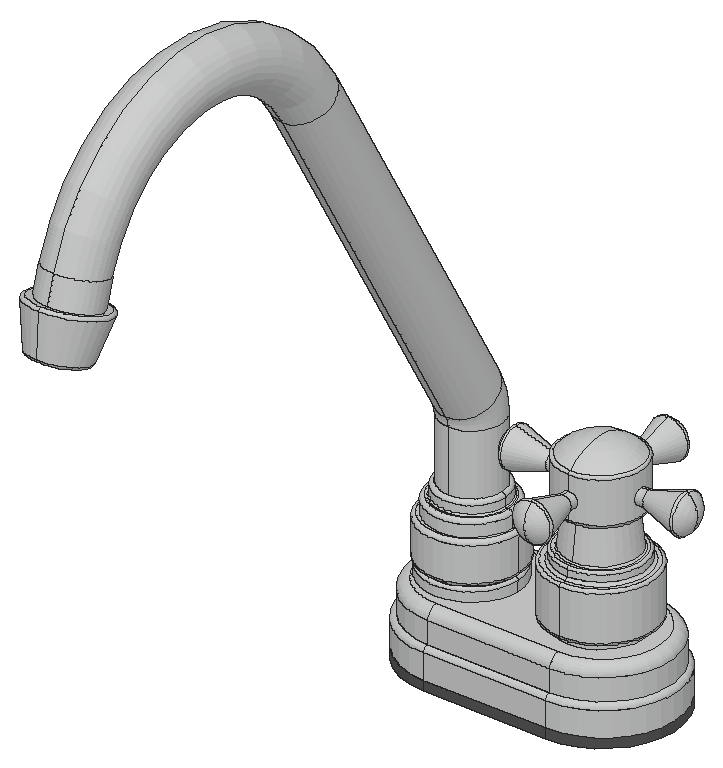
Revit family "415130001_Lavaplatos sencillo CTA Balta", category Plumbing Fixtures, host Face, Revit 2020
Family settings
  Host = Face
  Round Connector Dimension = Use Diameter
  Part Type = Normal
  OmniClass Number = 23.31.11.00
  OmniClass Title = Faucets
  Cut with Voids When Loaded = No
  Shared = No
  Room Calculation Point = No
Parameters (values of type "Lavaplatos sencillo CTA Balta")
  Temperaturas mínima de trabajo = "5° C / 41° F."  # constant formula
  Temperaturas máxima de trabajo = "71° C / 159.8° F."  # constant formula
  Recubrimientos = "Resistente a la corrosión, pelado y decoloración por agua. Recubrimientos no tóxicos. Producto para uso doméstico."  # constant formula
  Profundidad = 245.7 mm  # constant formula
  Peso Neto aprox = "584 gr. / 1.29 lb."  # constant formula
  Peso Bruto aprox = "856 gr. / 1.89 lb."  # constant formula
  Normatividad = "NTC 1644"  # constant formula
  Model = "415130001_Lavaplatos sencillo CTA Balta"  # constant formula
  Material 2 = Corona_Plastico_Negro
  Material = Corona_Plastico_Cromado
  Manufacturer = "Corona."  # constant formula
  Garantía = "30 años Grival - 5 años Cromado."  # constant formula
  Fecha de creación = "29/04/2021"  # constant formula
  Diámetro abasto = 12.7 mm
  Dimensiones generales del producto = "269 x 100 x 246 mm."  # constant formula
  Description = "El lavaplatos sencillo cruceta Balta ha sido diseñada para trabajar en perfecta armonía con el espacio; inspirada en las necesidades del consumidor latinoamericano dando como resultado un producto robusto y funcional. Ideal para instalaciones donde no se necesite mezclar agua fría y caliente. Incorpora un sistema aireador que genera un chorro de agua espumoso, agradable al tacto."  # constant formula
  Default Elevation = 0 mm
  Creado por = "BIMBAU"  # constant formula
  Ciclo de vida de la unidad de cierre = "500000 ciclos."  # constant formula
  Capacidad de flujo = "A 60 psi: 8.3 L/min."  # constant formula
  Ancho = 100.4 mm  # constant formula
  Alto = 296 mm  # constant formula
Reference planes
  plane 1 "Center (Front/Back)": y = 0
  plane 2: z = 0
  plane 3 "Center (Left/Right)": x = 0
Dimensions and locks
  aligned and locked: plane 2 to host face
  aligned and locked: level to host face
Nested families
  nested 1: "Lavaplatos sencillo CTA Balta" at (0, 0, 0), type "Lavaplatos sencillo CTA Balta"
    with Alto 296 mm
Connectors
  piping at (0, 0, 0), diameter 12.7, driven by "Diámetro abasto"
    settings: on nested 1, index 1, connector inside diameter 609.6 mm, connector length 0 mm, flow factor 0, pipe flow 0.0 L/s, pressure drop 0.0 Pa, fitting loss kfactor 0, connector angle 0.00°, fixture units 0, engagement length 0 mm, angle of deflection 0.00°, flow configuration 0, flow direction 0, fitting loss method 0, system type 7, joint type 0, gender type 0, connector reference index -1, connector utility 0, adjustable connector no, is connector primary yes, connector description ""
Definition of nested family "Lavaplatos sencillo CTA Balta"
  Parameters (values of type "Lavaplatos sencillo CTA Balta")
    Profundidad = 245.7 mm
    Model = "415130001_Lavaplatos sencillo Balta"  # constant formula
    Material 2 = none
    Material = none
    Manufacturer = "Corona."  # constant formula
    Description = "El lavaplatos sencillo cruceta Balta palanca ha sido diseñada para trabajar en perfecta armonía con el espacio; isnírada en las necesidades del consumidor latinoamericano dando como resultado un producto robusto y funcional. Ideal para instalaciones donde no se necesite mezclar agua fía y caliente. Incorpora un sistema aireador que genera un chorro de agua espumoso agradable al tacto."  # constant formula
    Default Elevation = 0 mm
    Ancho = 100.4 mm
    Alto = 295.984 mm
  Reference planes
    plane 1 "Center (Front/Back)": y = 0
    plane 2: z = 0
    plane 3 "Center (Left/Right)": x = 0
    plane 4: x = 50.2
    plane 5: x = -50.2
    plane 6: y = 27.5
    plane 7: y = -218.2
    plane 8: z = 268.984
    plane 9: z = -27
  Forms (mm)
    Extrusion 1, solid, material <- "Material", detail levels medium+fine
      sketch origin (-0.76, -82.5, 0) x (1, 0, 0) y (0, 1, 0)
        loop
          line (24.221, 110) -> (-22.7, 110)
          arc (-22.7, 110) -> (-50.2, 82.5) -> (-22.7, 55) r 27.5
          line (-22.7, 55) -> (24.221, 55)
          arc (24.221, 55) -> (51.721, 82.5) -> (24.221, 110) r 27.5
      from 3.608 to 15.074
    Extrusion 2, solid, material <- "Material", detail levels medium+fine
      sketch origin (-0.76, -82.5, 0) x (1, 0, 0) y (0, 1, 0)
        loop
          line (24.221, 108) -> (-22.7, 108)
          arc (-22.7, 108) -> (-48.2, 82.5) -> (-22.7, 57) r 25.5
          line (-22.7, 57) -> (24.221, 57)
          arc (24.221, 57) -> (49.721, 82.5) -> (24.221, 108) r 25.5
      from 15.074 to 27.314
    Sweep 3, void
      path origin (-0.76, -82.5, 0) x (1, 0, 0) y (0, 1, 0)
        loop
          arc (-22.7, 110) -> (-50.2, 82.5) -> (-22.7, 55) r 27.5
          line (-22.7, 55) -> (24.221, 55)
          arc (24.221, 55) -> (51.721, 82.5) -> (24.221, 110) r 27.5
          line (24.221, 110) -> (-22.7, 110)
      profile origin (-50.96, 0, 0) x (1, 0, 0) y (0, 0, 1)
        loop
          arc (0, 13.041) -> (0.595, 14.478) -> (2.033, 15.074) r 2.033
          line (2.033, 15.074) -> (2.033, 16.022) -> (-0.988, 16.022) -> (-0.988, 13.041) -> (0, 13.041)
    Sweep 4, void
      path origin (-0.76, -82.5, 0) x (1, 0, 0) y (0, 1, 0)
        loop
          arc (-22.7, 108) -> (-48.2, 82.5) -> (-22.7, 57) r 25.5
          line (-22.7, 57) -> (24.221, 57)
          arc (24.221, 57) -> (49.721, 82.5) -> (24.221, 108) r 25.5
          line (24.221, 108) -> (-22.7, 108)
      profile origin (-48.96, 0, 0) x (1, 0, 0) y (0, 0, 1)
        loop
          arc (0, 23.267) -> (1.185, 26.129) -> (4.047, 27.314) r 4.047
          line (4.047, 27.314) -> (4.047, 29.779) -> (-2, 29.779) -> (-2, 23.267) -> (0, 23.267)
    Revolve 5, solid, material <- "Material", detail levels medium+fine
      sketch origin (-27.01, 0, 0) x (1, 0, 0) y (0, 0, 1)
        loop
          line (-15.791, 31.859) -> (-16.788, 31.859)
          arc (-16.788, 31.859) -> (-17.495, 31.566) -> (-17.788, 30.859) r 1
          line (-17.788, 30.859) -> (-17.788, 27.171) -> (0, 27.171) -> (0, 59.311) -> (-11.424, 59.311)
          arc (-11.424, 59.311) -> (-12.485, 58.872) -> (-12.924, 57.811) r 1.5
          line (-12.924, 57.811) -> (-12.924, 54.919)
          arc (-12.924, 54.919) -> (-13.071, 54.565) -> (-13.424, 54.419) r 0.5
          line (-13.424, 54.419) -> (-14.291, 54.419)
          arc (-14.291, 54.419) -> (-15.352, 53.979) -> (-15.791, 52.919) r 1.5
          line (-15.791, 52.919) -> (-15.791, 48.467) -> (-16.782, 48.467)
          arc (-16.782, 48.467) -> (-17.843, 48.028) -> (-18.282, 46.967) r 1.5
          line (-18.282, 46.967) -> (-18.282, 33.897)
          arc (-18.282, 33.897) -> (-17.989, 33.19) -> (-17.282, 32.897) r 1
          line (-17.282, 32.897) -> (-15.791, 32.897) -> (-15.791, 31.859)
        axis (0, 59.311) -> (0, 27.171)
      angle from 0 to 360
    Extrusion 6, solid, material <- "Material 2", detail levels medium+fine
      sketch origin (-0.76, -90.6, 0) x (1, 0, 0) y (0, 1, 0)
        loop
          line (-22.7, 63.1) -> (24.221, 63.1)
          arc (24.221, 63.1) -> (51.721, 90.6) -> (24.221, 118.1) r 27.5
          line (24.221, 118.1) -> (-22.7, 118.1)
          arc (-22.7, 118.1) -> (-50.2, 90.6) -> (-22.7, 63.1) r 27.5
      from 0 to 3.608
    Revolve 7, solid, material <- "Material", detail levels medium+fine
      sketch origin (22.683, -29.696, -11.72) x (0, 1, 0) y (0, 0, 1)
        loop
          line (13.862, 39.034) -> (29.696, 39.034) -> (29.696, 104.008)
          arc (29.696, 104.008) -> (21.883, 102.485) -> (15.213, 98.14) r 20.806
          arc (15.213, 98.14) -> (14.506, 97.848) -> (14.213, 97.14) r 1
          line (14.213, 97.14) -> (14.213, 81.439)
          arc (14.213, 81.439) -> (14.506, 80.732) -> (15.213, 80.439) r 1
          line (15.213, 80.439) -> (18.11, 80.439) -> (16.358, 66.173)
          arc (16.358, 66.173) -> (16.16, 65.797) -> (15.763, 65.646) r 0.6
          line (15.763, 65.646) -> (14.575, 65.646)
          arc (14.575, 65.646) -> (13.938, 65.383) -> (13.675, 64.746) r 0.9
          line (13.675, 64.746) -> (13.675, 62.327)
          arc (13.675, 62.327) -> (13.382, 61.619) -> (12.675, 61.327) r 1
          line (12.675, 61.327) -> (10.992, 61.327)
          arc (10.992, 61.327) -> (10.285, 61.034) -> (9.992, 60.327) r 1
          line (9.992, 60.327) -> (9.992, 43.198)
          arc (9.992, 43.198) -> (10.285, 42.491) -> (10.992, 42.198) r 1
          line (10.992, 42.198) -> (13.862, 42.198) -> (13.862, 39.034)
        axis (29.696, 104.008) -> (29.696, 39.034)
      angle from 0 to 360
    Revolve 8, solid, material <- "Material", detail levels medium+fine
      sketch origin (22.683, -30.946, -7.97) x (0, 1, 0) y (0, 0, 1)
        loop
          line (-6.337, 84.771) -> (19.448, 84.771) -> (19.448, 89.387)
          arc (19.448, 89.387) -> (16.023, 87.819) -> (12.261, 88.024) r 7.857
          line (12.261, 88.024) -> (-1.509, 92.234)
          arc (-1.509, 92.234) -> (-2.005, 92.257) -> (-2.451, 92.038) r 1
          arc (-2.451, 92.038) -> (-5.078, 88.77) -> (-6.337, 84.771) r 11.338
        axis (-6.337, 84.771) -> (19.448, 84.771)
      angle from 0 to 360
    Revolve 9, solid, material <- "Material", detail levels medium+fine
      sketch origin (22.683, 30.946, -7.97) x (0, -1, 0) y (0, 0, 1)
        loop
          line (-6.337, 84.771) -> (19.448, 84.771) -> (19.448, 89.387)
          arc (19.448, 89.387) -> (16.023, 87.819) -> (12.261, 88.024) r 7.857
          line (12.261, 88.024) -> (-1.509, 92.234)
          arc (-1.509, 92.234) -> (-2.005, 92.257) -> (-2.451, 92.038) r 1
          arc (-2.451, 92.038) -> (-5.078, 88.77) -> (-6.337, 84.771) r 11.338
        axis (-6.337, 84.771) -> (19.448, 84.771)
      angle from 0 to 360
    Revolve 10, solid, material <- "Material", detail levels medium+fine
      sketch origin (-8.263, 0, -7.97) x (1, 0, 0) y (0, 0, 1)
        loop
          line (-6.337, 84.771) -> (19.448, 84.771) -> (19.448, 89.387)
          arc (19.448, 89.387) -> (16.023, 87.819) -> (12.261, 88.024) r 7.857
          line (12.261, 88.024) -> (-1.509, 92.234)
          arc (-1.509, 92.234) -> (-2.005, 92.257) -> (-2.451, 92.038) r 1
          arc (-2.451, 92.038) -> (-5.078, 88.77) -> (-6.337, 84.771) r 11.338
        axis (-6.337, 84.771) -> (19.448, 84.771)
      angle from 0 to 360
    Revolve 11, solid, material <- "Material", detail levels medium+fine
      sketch origin (53.629, 0, -7.97) x (-1, 0, 0) y (0, 0, -1)
        loop
          arc (-6.337, -84.771) -> (-5.078, -88.77) -> (-2.451, -92.038) r 11.338
          arc (-2.451, -92.038) -> (-2.005, -92.257) -> (-1.509, -92.234) r 1
          line (-1.509, -92.234) -> (12.261, -88.024)
          arc (12.261, -88.024) -> (16.023, -87.819) -> (19.448, -89.387) r 7.857
          line (19.448, -89.387) -> (19.448, -84.771) -> (-6.337, -84.771)
        axis (-6.337, -84.771) -> (19.448, -84.771)
      angle from 0 to 360
    Sweep 12, solid, material <- "Material", detail levels medium+fine
      path origin (-0.76, -86.225, 0) x (0, 1, 0) y (0, 0, 1)
        loop
          line (97.401, 56.471) -> (97.401, 82.607)
          arc (97.401, 82.607) -> (96.379, 90.371) -> (93.382, 97.607) r 30
          line (93.382, 97.607) -> (14.801, 233.713)
          arc (14.801, 233.713) -> (-54.947, 268.869) -> (-114.999, 218.925) r 71.227
          line (-114.999, 218.925) -> (-119.831, 203.12)
      profile origin (-0.76, 11.176, 69.539) x (0, -1, 0) y (1, 0, 0)
        loop
          circle (11.216, -26.25) r 11.216
    Revolve 13, solid, material <- "Material", detail levels medium+fine
      sketch origin (-27.139, -86.225, 0) x (0, 1, 0) y (0, 0, 1)
        loop
          line (-122.148, 191.426) -> (-112.572, 188.499) -> (-107.341, 205.609) -> (-120.528, 209.64)
          arc (-120.528, 209.64) -> (-121.39, 209.506) -> (-121.819, 208.747) r 1
          line (-121.819, 208.747) -> (-122.854, 192.446)
          arc (-122.854, 192.446) -> (-122.678, 191.814) -> (-122.148, 191.426) r 1
        axis (-107.341, 205.609) -> (-112.572, 188.499)
      angle from 0 to 360
    Revolve 14, solid, material <- "Material", detail levels medium+fine
      sketch origin (-2.812, 0, 0) x (1, 0, 0) y (0, 0, 1)
        loop
          line (25.48, 0) -> (25.48, -27) -> (33.98, -27)
          arc (33.98, -27) -> (33.23, -26.25) -> (33.98, -25.5) r 0.75
          arc (33.98, -25.5) -> (34.98, -24.5) -> (33.98, -23.5) r 1
          arc (33.98, -23.5) -> (33.23, -22.75) -> (33.98, -22) r 0.75
          arc (33.98, -22) -> (34.98, -21) -> (33.98, -20) r 1
          arc (33.98, -20) -> (33.23, -19.25) -> (33.98, -18.5) r 0.75
          arc (33.98, -18.5) -> (34.98, -17.5) -> (33.98, -16.5) r 1
          arc (33.98, -16.5) -> (33.23, -15.75) -> (33.98, -15) r 0.75
          arc (33.98, -15) -> (34.98, -14) -> (33.98, -13) r 1
          arc (33.98, -13) -> (33.23, -12.25) -> (33.98, -11.5) r 0.75
          arc (33.98, -11.5) -> (34.98, -10.5) -> (33.98, -9.5) r 1
          arc (33.98, -9.5) -> (33.23, -8.75) -> (33.98, -8) r 0.75
          arc (33.98, -8) -> (34.98, -7) -> (33.98, -6) r 1
          arc (33.98, -6) -> (33.23, -5.25) -> (33.98, -4.5) r 0.75
          arc (33.98, -4.5) -> (34.98, -3.5) -> (33.98, -2.5) r 1
          arc (33.98, -2.5) -> (33.23, -1.75) -> (33.98, -1) r 0.75
          arc (33.98, -1) -> (34.687, -0.707) -> (34.98, 0) r 1
          line (34.98, 0) -> (25.48, 0)
        axis (25.48, 0) -> (25.48, -27)
      angle from 0 to 360
    Extrusion 15, solid, material <- "Material", detail levels coarse
      sketch origin (0, 0, 0) x (1, 0, 0) y (0, 0, 1)
        loop
          line (-50.2, 268.984) -> (-50.2, -27) -> (50.2, -27) -> (50.2, 268.984) -> (-50.2, 268.984)
      from -27.5 to 218.2
  Cuts and joins
    Sweep 3 cuts Extrusion 1
    Sweep 4 cuts Extrusion 2
  Dimensions and locks
    "Ancho": plane 5 to plane 4
    "Alto": plane 8 to plane 9
    "Profundidad": plane 7 to plane 6
    aligned and locked: level to plane 2
  Automatic sketch dimensions
    plane 6 to Extrusion 1 sketch curve = 0 mm
    plane 1 "Center (Front/Back)" to Extrusion 1 sketch curve = 0 mm
    Extrusion 1 sketch curve to plane 3 "Center (Left/Right)" = 23.46 mm
    plane 3 "Center (Left/Right)" to Extrusion 1 sketch curve = 23.46 mm
    plane 1 "Center (Front/Back)" to Extrusion 2 sketch curve = 0 mm
    plane 6 to Extrusion 2 sketch curve = 2 mm
    Extrusion 2 sketch curve to plane 3 "Center (Left/Right)" = 23.46 mm
    plane 3 "Center (Left/Right)" to Extrusion 2 sketch curve = 23.46 mm
    plane 1 "Center (Front/Back)" to Sweep 3 sketch curve = 0 mm
    plane 6 to Sweep 3 sketch curve = 0 mm
    Sweep 3 sketch curve to plane 3 "Center (Left/Right)" = 23.46 mm
    plane 3 "Center (Left/Right)" to Sweep 3 sketch curve = 23.46 mm
    profile plane to Sweep 3 sketch curve = 0 mm
    profile plane to Sweep 3 sketch curve = 0.988 mm
    Sweep 3 sketch curve to profile plane = 2.033 mm
    profile plane to Sweep 3 sketch curve = 13.041 mm
    Sweep 3 sketch curve to Sweep 3 sketch curve = 2.981 mm
    plane 1 "Center (Front/Back)" to Sweep 4 sketch curve = 0 mm
    Sweep 4 sketch curve to plane 3 "Center (Left/Right)" = 23.46 mm
    plane 3 "Center (Left/Right)" to Sweep 4 sketch curve = 23.46 mm
    Sweep 4 sketch curve to Sweep 4 sketch curve = 25.5 mm
    profile plane to Sweep 4 sketch curve = 0 mm
    profile plane to Sweep 4 sketch curve = 2 mm
    Sweep 4 sketch curve to profile plane = 4.047 mm
    profile plane to Sweep 4 sketch curve = 23.267 mm
    Sweep 4 sketch curve to Sweep 4 sketch curve = 2.465 mm
    Revolve 5 sketch curve to plane 5 = 4.907 mm
    Revolve 5 sketch curve to plane 5 = 5.402 mm
    Revolve 5 sketch curve to Revolve 5 sketch curve = 1 mm  (x2)
    Revolve 5 sketch curve to Revolve 5 sketch curve = 1.5 mm  (x3)
    Revolve 5 sketch curve to Revolve 5 sketch curve = 0.997 mm
    Revolve 5 sketch curve to Revolve 5 sketch curve = 0.991 mm
    Revolve 5 sketch curve to Revolve 5 sketch curve = 0.867 mm
    Revolve 5 sketch curve to Revolve 5 sketch curve = 0.5 mm
    Revolve 5 sketch curve to Revolve 5 sketch curve = 11.424 mm
    level to Revolve 5 sketch curve = 27.171 mm
    Revolve 5 sketch curve to Revolve 5 sketch curve = 3.687 mm
    Revolve 5 sketch curve to Revolve 5 sketch curve = 1.038 mm
    Revolve 5 sketch curve to Revolve 5 sketch curve = 13.071 mm
    Revolve 5 sketch curve to Revolve 5 sketch curve = 4.451 mm
    Revolve 5 sketch curve to Revolve 5 sketch curve = 2.893 mm
    Revolve 5 sketch curve to Revolve 5 sketch curve = 0 mm
    Revolve 5 sketch curve to Revolve 5 sketch curve = 7.834 mm
    Revolve 5 sketch curve to Revolve 5 sketch curve = 15.475 mm
    plane 6 to Extrusion 6 sketch curve = 0 mm
    plane 1 "Center (Front/Back)" to Extrusion 6 sketch curve = 0 mm
    Extrusion 6 sketch curve to plane 3 "Center (Left/Right)" = 23.46 mm
    plane 3 "Center (Left/Right)" to Extrusion 6 sketch curve = 23.46 mm
    plane 1 "Center (Front/Back)" to Revolve 7 sketch curve = 19.704 mm
    Revolve 7 sketch curve to Revolve 7 sketch curve = 1 mm  (x5)
    Revolve 7 sketch curve to Revolve 7 sketch curve = 1.682 mm
    Revolve 7 sketch curve to Revolve 7 sketch curve = 2.87 mm
    plane 1 "Center (Front/Back)" to Revolve 7 sketch curve = 15.483 mm
    Revolve 7 sketch curve to Revolve 7 sketch curve = 0.9 mm
    Revolve 7 sketch curve to Revolve 7 sketch curve = 1.188 mm
    Revolve 7 sketch curve to Revolve 7 sketch curve = 0.596 mm
    Revolve 7 sketch curve to Revolve 7 sketch curve = 2.896 mm
    plane 1 "Center (Front/Back)" to Revolve 7 sketch curve = 0 mm  (x2)
    level to Revolve 7 sketch curve = 27.314 mm
    Revolve 7 sketch curve to Revolve 7 sketch curve = 3.164 mm
    Revolve 7 sketch curve to Revolve 7 sketch curve = 17.128 mm
    Revolve 7 sketch curve to Revolve 7 sketch curve = 2.42 mm
    Revolve 7 sketch curve to Revolve 7 sketch curve = 0.527 mm
    Revolve 7 sketch curve to Revolve 7 sketch curve = 14.192 mm
    Revolve 7 sketch curve to Revolve 7 sketch curve = 2.763 mm
    Revolve 7 sketch curve to Revolve 7 sketch curve = 15.702 mm
    Revolve 7 sketch curve to Revolve 7 sketch curve = 16.125 mm
    Revolve 7 sketch curve to Revolve 7 sketch curve = 8.043 mm
    plane 1 "Center (Front/Back)" to Revolve 8 sketch curve = 37.283 mm
    Revolve 8 sketch curve to Revolve 8 sketch curve = 4.536 mm
    Revolve 8 sketch curve to Revolve 8 sketch curve = 0.292 mm
    Revolve 8 sketch curve to Revolve 8 sketch curve = 6.721 mm
    Revolve 8 sketch curve to Revolve 8 sketch curve = 7.341 mm
    Revolve 8 sketch curve to Revolve 8 sketch curve = 2.297 mm
    Revolve 8 sketch curve to Revolve 8 sketch curve = 7.186 mm
    level to Revolve 8 sketch curve = 75.454 mm
    Revolve 8 sketch curve to Revolve 8 sketch curve = 1.347 mm  (x2)
    Revolve 8 sketch curve to Revolve 8 sketch curve = 3.253 mm
    Revolve 8 sketch curve to Revolve 8 sketch curve = 4.617 mm
    Revolve 8 sketch curve to Revolve 8 sketch curve = 6.507 mm
    Revolve 8 sketch curve to Revolve 8 sketch curve = 0.197 mm
    Revolve 8 sketch curve to Revolve 8 sketch curve = 1.352 mm
    Revolve 8 sketch curve to Revolve 8 sketch curve = 2.585 mm
    plane 6 to Revolve 9 sketch curve = 9.783 mm
    plane 6 to Revolve 9 sketch curve = 5.247 mm
    Revolve 9 sketch curve to Revolve 9 sketch curve = 0.292 mm
    Revolve 9 sketch curve to plane 6 = 1.474 mm
    Revolve 9 sketch curve to Revolve 9 sketch curve = 7.341 mm
    Revolve 9 sketch curve to Revolve 9 sketch curve = 2.297 mm
    Revolve 9 sketch curve to Revolve 9 sketch curve = 7.186 mm
    Revolve 9 sketch curve to level = 75.454 mm
    Revolve 9 sketch curve to Revolve 9 sketch curve = 1.347 mm  (x2)
    Revolve 9 sketch curve to Revolve 9 sketch curve = 3.253 mm
    Revolve 9 sketch curve to Revolve 9 sketch curve = 4.617 mm
    Revolve 9 sketch curve to Revolve 9 sketch curve = 6.507 mm
    Revolve 9 sketch curve to Revolve 9 sketch curve = 0.197 mm
    Revolve 9 sketch curve to plane 6 = 0.122 mm
    Revolve 9 sketch curve to Revolve 9 sketch curve = 2.585 mm
    Revolve 10 sketch curve to plane 3 "Center (Left/Right)" = 14.6 mm
    Revolve 10 sketch curve to Revolve 10 sketch curve = 4.536 mm
    Revolve 10 sketch curve to Revolve 10 sketch curve = 0.292 mm
    Revolve 10 sketch curve to plane 3 "Center (Left/Right)" = 3.343 mm
    plane 3 "Center (Left/Right)" to Revolve 10 sketch curve = 3.999 mm
    plane 3 "Center (Left/Right)" to Revolve 10 sketch curve = 6.296 mm
    Revolve 10 sketch curve to Revolve 10 sketch curve = 7.186 mm
    level to Revolve 10 sketch curve = 75.454 mm
    Revolve 10 sketch curve to Revolve 10 sketch curve = 1.347 mm  (x2)
    Revolve 10 sketch curve to Revolve 10 sketch curve = 3.253 mm
    Revolve 10 sketch curve to Revolve 10 sketch curve = 4.617 mm
    Revolve 10 sketch curve to Revolve 10 sketch curve = 6.507 mm
    Revolve 10 sketch curve to Revolve 10 sketch curve = 0.197 mm
    Revolve 10 sketch curve to Revolve 10 sketch curve = 1.352 mm
    Revolve 10 sketch curve to plane 3 "Center (Left/Right)" = 0.758 mm
    plane 4 to Revolve 11 sketch curve = 9.767 mm
    plane 4 to Revolve 11 sketch curve = 5.231 mm
    Revolve 11 sketch curve to Revolve 11 sketch curve = 0.292 mm
    Revolve 11 sketch curve to plane 4 = 1.491 mm
    Revolve 11 sketch curve to Revolve 11 sketch curve = 7.341 mm
    Revolve 11 sketch curve to Revolve 11 sketch curve = 2.297 mm
    Revolve 11 sketch curve to Revolve 11 sketch curve = 7.186 mm
    level to Revolve 11 sketch curve = 87.568 mm
    Revolve 11 sketch curve to Revolve 11 sketch curve = 3.304 mm
    Revolve 11 sketch curve to Revolve 11 sketch curve = 0.956 mm
    Revolve 11 sketch curve to Revolve 11 sketch curve = 6.151 mm
    Revolve 11 sketch curve to Revolve 11 sketch curve = 4.617 mm
    Revolve 11 sketch curve to Revolve 11 sketch curve = 4.601 mm
    Revolve 11 sketch curve to plane 4 = 0.139 mm
    Revolve 11 sketch curve to Revolve 11 sketch curve = 2.585 mm
    Revolve 11 sketch curve to Revolve 11 sketch curve = 1.347 mm
    Sweep 12 sketch curve to plane 7 = 16.976 mm
    Sweep 12 sketch curve to Sweep 12 sketch curve = 68.115 mm
    Sweep 12 sketch curve to plane 8 = 35.27 mm
    Sweep 12 sketch curve to Sweep 12 sketch curve = 61.684 mm
    plane 1 "Center (Front/Back)" to Sweep 12 sketch curve = 18.824 mm
    Sweep 12 sketch curve to plane 1 "Center (Front/Back)" = 7.157 mm
    Sweep 12 sketch curve to plane 1 "Center (Front/Back)" = 11.176 mm
    Sweep 12 sketch curve to Sweep 12 sketch curve = 14.789 mm
    level to Sweep 12 sketch curve = 97.607 mm
    Sweep 12 sketch curve to plane 7 = 12.144 mm
    Sweep 12 sketch curve to Sweep 12 sketch curve = 15.805 mm
    Sweep 12 sketch curve to Sweep 12 sketch curve = 26.136 mm
    Sweep 12 sketch curve to profile plane = 11.216 mm
    Sweep 12 sketch curve to profile plane = 26.25 mm
    Revolve 13 sketch curve to plane 7 = 9.121 mm
    Revolve 13 sketch curve to Revolve 13 sketch curve = 0.706 mm
    Revolve 13 sketch curve to Revolve 13 sketch curve = 0.292 mm  (x2)
    Revolve 13 sketch curve to plane 7 = 10.156 mm
    Revolve 13 sketch curve to Revolve 13 sketch curve = 0.998 mm
    Revolve 13 sketch curve to Revolve 13 sketch curve = 9.576 mm
    Revolve 13 sketch curve to Revolve 13 sketch curve = 13.187 mm
    Revolve 13 sketch curve to plane 8 = 80.485 mm
    Revolve 13 sketch curve to Revolve 13 sketch curve = 2.928 mm
    Revolve 13 sketch curve to Revolve 13 sketch curve = 0.956 mm  (x2)
    Revolve 13 sketch curve to Revolve 13 sketch curve = 1.414 mm
    Revolve 13 sketch curve to Revolve 13 sketch curve = 0.16 mm
    Revolve 13 sketch curve to Revolve 13 sketch curve = 4.625 mm
    Revolve 13 sketch curve to Revolve 13 sketch curve = 0.524 mm
    Revolve 14 sketch curve to level = 0 mm
    Revolve 14 sketch curve to plane 9 = 0 mm
    plane 3 "Center (Left/Right)" to Revolve 14 sketch curve = 22.668 mm
    plane 9 to Revolve 14 sketch curve = 0.75 mm
    Revolve 14 sketch curve to Revolve 14 sketch curve = 8.5 mm
    Revolve 14 sketch curve to Revolve 14 sketch curve = 1 mm  (x2)
    Revolve 14 sketch curve to Revolve 14 sketch curve = 1.75 mm  (x12)
    Revolve 14 sketch curve to Revolve 14 sketch curve = 0.75 mm
    Revolve 14 sketch curve to Revolve 14 sketch curve = 0 mm  (x15)
    Revolve 14 sketch curve to Revolve 14 sketch curve = 0.5 mm
    Revolve 14 sketch curve to Revolve 14 sketch curve = 5 mm
    plane 5 to Extrusion 15 sketch curve = 0 mm
    Extrusion 15 sketch curve to plane 4 = 0 mm
    Extrusion 15 sketch curve to plane 9 = 0 mm
    Extrusion 15 sketch curve to plane 8 = 0 mm
    radius of Sweep 12 sketch curve = 11.216 mm
  Nested families
    nested 1: "Frontal" at (0, 0, 0) x (1, 0, 0) z (0, -1, 0), type "Frontal", detail levels medium+fine
    nested 2: "Lateral" at (0, 0, 0) x (0, 1, 0) z (1, 0, 0), type "Lateral", detail levels medium+fine
  Definition of nested family "Frontal"
    Reference planes
      plane 1 "Center (Front/Back)": y = 0
      plane 2: z = 0
      plane 3 "Center (Left/Right)": x = 0
      plane 4: x = -50.2
      plane 5: x = 50.2
    Lines and regions (mm)
      Filled region 1, type "Solid", in view "Ref. Level"
        outline origin (0, 0, 0) x (1, 0, 0) y (0, 1, 0)
          loop
            line (-50.2, 0) -> (50.2, 0) -> (50.2, 20)
            arc (50.2, 20) -> (49.789, 20.994) -> (48.796, 21.408) r 1.408
            line (48.796, 21.408) -> (48.796, 27.135)
            arc (48.796, 27.135) -> (47.497, 30.337) -> (44.335, 31.729) r 4.596
            line (44.335, 31.729) -> (41.828, 33.485) -> (6.63, 33.485)
            arc (6.63, 33.485) -> (6.247, 33.408) -> (5.923, 33.192) r 1
            line (5.923, 33.192) -> (2.266, 29.535)
            arc (2.266, 29.535) -> (1.941, 29.318) -> (1.559, 29.242) r 1
            line (1.559, 29.242) -> (-2.613, 29.242)
            arc (-2.613, 29.242) -> (-2.996, 29.318) -> (-3.32, 29.535) r 1
            line (-3.32, 29.535) -> (-6.977, 33.192)
            arc (-6.977, 33.192) -> (-7.301, 33.408) -> (-7.684, 33.485) r 1
            line (-7.684, 33.485) -> (-43.27, 33.485)
            arc (-43.27, 33.485) -> (-44.938, 32.674) -> (-45.331, 30.862) r 2.121
            arc (-45.331, 30.862) -> (-47.825, 29.228) -> (-48.792, 26.408) r 4.596
            line (-48.792, 26.408) -> (-48.792, 21.408)
            arc (-48.792, 21.408) -> (-49.788, 20.995) -> (-50.2, 20) r 1.408
            line (-50.2, 20) -> (-50.2, 0)
      Filled region 2, type "Solid", in view "Ref. Level"
        outline origin (0, 0, 0) x (1, 0, 0) y (0, 1, 0)
          loop
            line (6.63, 33.485) -> (41.828, 33.485) -> (41.828, 50.985)
            arc (41.828, 50.985) -> (41.666, 51.796) -> (41.207, 52.485) r 2.121
            arc (41.207, 52.485) -> (40.231, 55.041) -> (37.801, 56.298) r 3.837
            line (37.801, 56.298) -> (10.657, 56.298)
            arc (10.657, 56.298) -> (8.226, 55.041) -> (7.251, 52.485) r 3.837
            arc (7.251, 52.485) -> (6.791, 51.796) -> (6.63, 50.985) r 2.121
            line (6.63, 50.985) -> (6.63, 33.485)
      Filled region 3, type "Solid", in view "Ref. Level"
        outline origin (0, 0, 0) x (0, 1, 0) y (-1, 0, 0)
          loop
            line (33.485, 6.63) -> (50.985, 6.63)
            arc (50.985, 6.63) -> (51.796, 6.791) -> (52.485, 7.251) r 2.121
            arc (52.485, 7.251) -> (54.605, 7.89) -> (56.019, 9.594) r 3.837
            arc (56.019, 9.594) -> (58.58, 10.431) -> (59.849, 12.808) r 3.613
            line (59.849, 12.808) -> (59.849, 35.65)
            arc (59.849, 35.65) -> (58.58, 38.026) -> (56.019, 38.864) r 3.613
            arc (56.019, 38.864) -> (54.605, 40.568) -> (52.485, 41.207) r 3.837
            arc (52.485, 41.207) -> (51.796, 41.666) -> (50.985, 41.828) r 2.121
            line (50.985, 41.828) -> (33.485, 41.828) -> (33.485, 6.63)
      Filled region 4, type "Solid", in view "Ref. Level"
        outline origin (0.871, 0, 0) x (1, 0, 0) y (0, 1, 0)
          loop
            line (-35.65, 59.849) -> (-14.549, 59.849) -> (-14.549, 186.755)
            arc (-14.549, 186.755) -> (-12.996, 187.801) -> (-12.236, 189.513) r 3.387
            line (-12.236, 189.513) -> (-11.45, 204.492)
            arc (-11.45, 204.492) -> (-12.941, 206.166) -> (-15.099, 206.772) r 3.991
            line (-15.099, 206.772) -> (-15.099, 256.772)
            arc (-15.099, 256.772) -> (-25.099, 266.772) -> (-35.099, 256.772) r 10
            line (-35.099, 256.772) -> (-35.099, 206.772)
            arc (-35.099, 206.772) -> (-37.258, 206.166) -> (-38.749, 204.492) r 3.991
            line (-38.749, 204.492) -> (-37.963, 189.513)
            arc (-37.963, 189.513) -> (-37.203, 187.801) -> (-35.65, 186.755) r 3.387
            line (-35.65, 186.755) -> (-35.65, 59.849)
      Filled region 5, type "Solid", in view "Ref. Level"
        outline origin (0, 0, 0) x (1, 0, 0) y (0, 1, 0)
          loop
            line (10.657, 56.298) -> (37.841, 56.298) -> (35.682, 71.655)
            arc (35.682, 71.655) -> (39.21, 71.691) -> (42.447, 73.093) r 8.91
            line (42.447, 73.093) -> (56.063, 71.18)
            arc (56.063, 71.18) -> (59.33, 72.434) -> (59.997, 75.869) r 3.609
            line (59.997, 75.869) -> (58.567, 80.272)
            arc (58.567, 80.272) -> (56.262, 82.971) -> (52.723, 83.249) r 4.637
            line (52.723, 83.249) -> (44.602, 80.611)
            arc (44.602, 80.611) -> (41.437, 80.666) -> (38.977, 82.658) r 4.862
            line (38.977, 82.658) -> (38.977, 87.812)
            arc (38.977, 87.812) -> (23.977, 94.398) -> (8.977, 87.812) r 20.375
            line (8.977, 87.812) -> (8.977, 82.658)
            arc (8.977, 82.658) -> (6.516, 80.666) -> (3.351, 80.611) r 4.862
            line (3.351, 80.611) -> (-4.77, 83.249)
            arc (-4.77, 83.249) -> (-8.308, 82.971) -> (-10.613, 80.272) r 4.637
            line (-10.613, 80.272) -> (-12.044, 75.869)
            arc (-12.044, 75.869) -> (-11.376, 72.434) -> (-8.109, 71.18) r 3.609
            line (-8.109, 71.18) -> (5.506, 73.093)
            arc (5.506, 73.093) -> (8.743, 71.691) -> (12.271, 71.655) r 8.91
            line (12.271, 71.655) -> (10.657, 56.298)
      detail lines, in view "Ref. Level"
        curve 1: line (-45.331, 30.862, 0) -> (-4.647, 30.862, 0)
        curve 2: arc (44.335, 31.729, 0) -> (24.397, 30.855, 0) -> (4.46, 31.729, 0) r 227.64
        curve 3: line (-48.792, 21.408, 0) -> (48.792, 21.408, 0)
        curve 4: arc (-34.779, 186.755, 0) -> (-24.229, 185.468, 0) -> (-13.679, 186.755, 0) r 43.875
        curve 5: arc (-37.093, 189.513, 0) -> (-24.229, 192.2, 0) -> (-11.365, 189.513, 0) r 32.13
        curve 6: arc (-14.229, 206.772, 0) -> (-24.229, 208.049, 0) -> (-34.229, 206.772, 0) r 39.8
        curve 7: line (12.271, 71.655, 0) -> (35.682, 71.655, 0)
        curve 8: arc (-5.215, 83.37, 0) -> (-7.392, 79.58, 0) -> (-8.283, 75.301, 0) r 13.874
        curve 9: arc (53.404, 75.301, 0) -> (54.422, 79.289, 0) -> (56.262, 82.971, 0) r 19.335
        curve 10: line (60.132, 75.301, 0) -> (-12.179, 75.301, 0)
        curve 11: line (8.977, 87.812, 0) -> (38.977, 87.812, 0)
        curve 12: line (8.977, 85.235, 0) -> (38.977, 85.235, 0)
        curve 13: arc (42.447, 73.093, 0) -> (43.674, 74.074, 0) -> (44.655, 75.301, 0) r 7.059
        curve 14: arc (5.506, 73.093, 0) -> (4.279, 74.074, 0) -> (3.299, 75.301, 0) r 7.059
        curve 15: line (50.2, 2.945, 0) -> (-50.2, 2.945, 0)
  Definition of nested family "Lateral"
    Reference planes
      plane 1 "Center (Front/Back)": y = 0
      plane 2: z = 0
      plane 3 "Center (Left/Right)": x = 0
      plane 4: x = -199.1
    Lines and regions (mm)
      Filled region 1, type "Solid", in view "Ref. Level"
        outline origin (0, 0, 0) x (1, 0, 0) y (0, 1, 0)
          loop
            line (-27.6, 0) -> (27.6, 0) -> (27.6, 20) -> (25.832, 21.768) -> (25.832, 26.768)
            arc (25.832, 26.768) -> (24.696, 29.511) -> (21.952, 30.648) r 3.88
            line (21.952, 30.648) -> (20.002, 30.648) -> (20.002, 34.648)
            arc (20.002, 34.648) -> (19.709, 35.355) -> (19.002, 35.648) r 1
            line (19.002, 35.648) -> (18.133, 35.648) -> (18.133, 51.648) -> (16.283, 54.853)
            arc (16.283, 54.853) -> (15.247, 57.353) -> (12.747, 58.388) r 3.536
            line (12.747, 58.388) -> (-12.747, 58.388)
            arc (-12.747, 58.388) -> (-15.247, 57.353) -> (-16.283, 54.853) r 3.536
            line (-16.283, 54.853) -> (-18.133, 51.648) -> (-18.133, 35.648) -> (-19.002, 35.648)
            arc (-19.002, 35.648) -> (-19.709, 35.355) -> (-20.002, 34.648) r 1
            line (-20.002, 34.648) -> (-20.002, 30.648) -> (-21.952, 30.648)
            arc (-21.952, 30.648) -> (-24.696, 29.511) -> (-25.832, 26.768) r 3.88
            line (-25.832, 26.768) -> (-25.832, 21.768) -> (-27.6, 20) -> (-27.6, 0)
      Filled region 2, type "Solid", in view "Ref. Level"
        outline origin (-24.249, 2.091, 0) x (1, 0, 0) y (0, 1, 0)
          loop
            line (10.657, 56.298) -> (37.841, 56.298) -> (35.682, 71.655)
            arc (35.682, 71.655) -> (39.21, 71.691) -> (42.447, 73.093) r 8.91
            line (42.447, 73.093) -> (56.063, 71.18)
            arc (56.063, 71.18) -> (59.33, 72.434) -> (59.997, 75.869) r 3.609
            line (59.997, 75.869) -> (58.567, 80.272)
            arc (58.567, 80.272) -> (56.262, 82.971) -> (52.723, 83.249) r 4.637
            line (52.723, 83.249) -> (44.602, 80.611)
            arc (44.602, 80.611) -> (41.437, 80.666) -> (38.977, 82.658) r 4.862
            line (38.977, 82.658) -> (38.977, 87.812)
            arc (38.977, 87.812) -> (23.977, 94.398) -> (8.977, 87.812) r 20.375
            line (8.977, 87.812) -> (8.977, 82.658)
            arc (8.977, 82.658) -> (6.516, 80.666) -> (3.351, 80.611) r 4.862
            line (3.351, 80.611) -> (-4.77, 83.249)
            arc (-4.77, 83.249) -> (-8.308, 82.971) -> (-10.613, 80.272) r 4.637
            line (-10.613, 80.272) -> (-12.044, 75.869)
            arc (-12.044, 75.869) -> (-11.376, 72.434) -> (-8.109, 71.18) r 3.609
            line (-8.109, 71.18) -> (5.506, 73.093)
            arc (5.506, 73.093) -> (8.743, 71.691) -> (12.271, 71.655) r 8.91
            line (12.271, 71.655) -> (10.657, 56.298)
      Filled region 3, type "Solid", in view "Ref. Level"
        outline origin (0, 0, 0) x (1, 0, 0) y (0, 1, 0)
          loop
            line (-11.978, 73.746) -> (-13.592, 58.388) -> (13.592, 58.388) -> (11.434, 73.746)
            arc (11.434, 73.746) -> (14.961, 73.782) -> (18.198, 75.184) r 8.91
            line (18.198, 75.184) -> (31.814, 73.27)
            arc (31.814, 73.27) -> (35.081, 74.525) -> (35.749, 77.96) r 3.609
            line (35.749, 77.96) -> (34.318, 82.363)
            arc (34.318, 82.363) -> (32.013, 85.062) -> (28.475, 85.34) r 4.637
            line (28.475, 85.34) -> (20.354, 82.702)
            arc (20.354, 82.702) -> (17.188, 82.757) -> (14.728, 84.749) r 4.862
            line (14.728, 84.749) -> (14.728, 89.902)
            arc (14.728, 89.902) -> (-0.272, 96.488) -> (-15.272, 89.902) r 20.375
            line (-15.272, 89.902) -> (-15.272, 84.749)
            arc (-15.272, 84.749) -> (-17.733, 82.757) -> (-20.898, 82.702) r 4.862
            line (-20.898, 82.702) -> (-29.019, 85.34)
            arc (-29.019, 85.34) -> (-32.557, 85.062) -> (-34.862, 82.363) r 4.637
            line (-34.862, 82.363) -> (-36.293, 77.96)
            arc (-36.293, 77.96) -> (-35.625, 74.525) -> (-32.358, 73.27) r 3.609
            line (-32.358, 73.27) -> (-18.742, 75.184)
            arc (-18.742, 75.184) -> (-15.505, 73.782) -> (-11.978, 73.746) r 8.91
      Filled region 4, type "Solid", in view "Ref. Level"
        outline origin (0, 0, 0) x (1, 0, 0) y (0, 1, 0)
          loop
            arc (-11.978, 92.79) -> (-1.209, 96.467) -> (9.852, 93.795) r 20.375
            line (9.852, 93.795) -> (7.264, 103.456)
            spline (7.264, 103.456) -> (-26.217, 162.348) -> (-52.208, 204.823) -> (-72.428, 234.02) -> (-89.006, 253.246) -> (-104.756, 265.387) -> (-120.453, 271.2) -> (-132.169, 272.585) -> (-145.038, 272.45) -> (-160.358, 269.171) -> (-177.741, 260.236) -> (-194.878, 241.238) -> (-207.12, 211.411)
            line (-207.12, 211.411) -> (-185.869, 205.716)
            spline (-185.869, 205.716) -> (-176.14, 229.721) -> (-164.716, 242.507) -> (-153.291, 248.337) -> (-142.951, 250.55) -> (-133.553, 250.628) -> (-124.747, 249.623) -> (-115.511, 246.201) -> (-104.393, 237.516) -> (-89.938, 220.701) -> (-70.688, 192.888) -> (-45.187, 151.207) -> (-11.978, 92.79)
      Filled region 5, type "Solid", in view "Ref. Level"
        outline origin (0, 0, 0) x (1, 0, 0) y (0, 1, 0)
          loop
            line (-185.869, 205.716) -> (-207.12, 211.411) -> (-212.044, 212.279) -> (-213.644, 193.982) -> (-188.933, 187.361) -> (-181.171, 204.006) -> (-185.869, 205.716)
      detail lines, in view "Ref. Level"
        curve 1: line (-20.002, 30.648, 0) -> (20.002, 30.648, 0)
        curve 2: line (-25.832, 21.768, 0) -> (25.832, 21.768, 0)
        curve 3: line (27.6, 20, 0) -> (-27.6, 20, 0)
        curve 4: line (-27.6, 2.372, 0) -> (27.6, 2.372, 0)
        curve 5: line (-18.133, 35.648, 0) -> (18.133, 35.648, 0)
        curve 6: line (-18.133, 51.648, 0) -> (18.133, 51.648, 0)
        curve 7: line (-16.283, 54.853, 0) -> (16.283, 54.853, 0)
        curve 8: line (-11.978, 73.746, 0) -> (11.434, 73.746, 0)
        curve 9: arc (-29.464, 85.461, 0) -> (-31.641, 81.671, 0) -> (-32.531, 77.392, 0) r 13.874
        curve 10: arc (29.155, 77.392, 0) -> (30.173, 81.38, 0) -> (32.013, 85.062, 0) r 19.335
        curve 11: line (35.883, 77.392, 0) -> (-36.428, 77.392, 0)
        curve 12: line (-15.272, 89.902, 0) -> (14.728, 89.902, 0)
        curve 13: line (-15.272, 87.326, 0) -> (14.728, 87.326, 0)
        curve 14: arc (18.198, 75.184, 0) -> (19.426, 76.164, 0) -> (20.406, 77.392, 0) r 7.059
        curve 15: arc (-18.742, 75.184, 0) -> (-19.97, 76.164, 0) -> (-20.95, 77.392, 0) r 7.059
